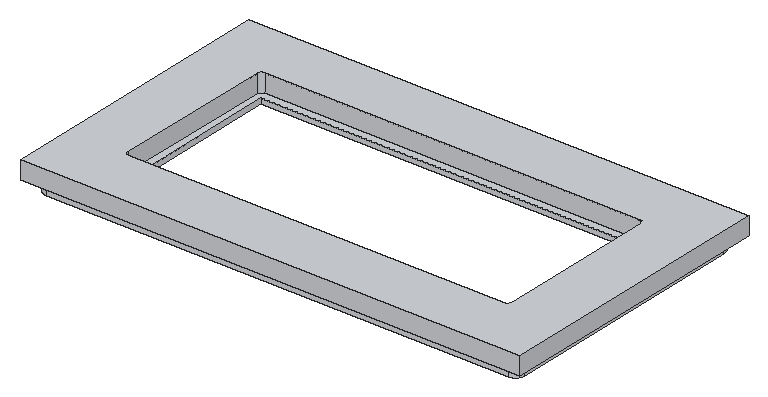
Revit family "Gira_100212", category Electrical Fixtures, host Face, Revit 2017
Family settings
  Host = Face
  Maintain Annotation Orientation = No
  Round Connector Dimension = Use Diameter
  Part Type = Normal
  Cut with Voids When Loaded = No
  Shared = No
  Room Calculation Point = No
Parameters (values of type "Cov.fr. 2-g w/o cb Gira Esprit white gl.")
  With mounting grid = "No"
  With hinged lid = "No"
  URL = "http://katalog.gira.de/en/datenblatt.html?artikelnr=100212"
  Type of fastening = "Clamp mounting"
  Transparent = "No"
  Surface protection = "Other"
  Suitable for wall duct = "No"
  Suitable for flush-mounted installation = "Yes"
  Suitable for floor box = "No"
  Suitable for built-in installation = "No"
  Number of units vertical = "2"
  Number of units horizontal = "2"
  Number of units = "2"
  Name = "Cov.fr. 2-g w/o cb Gira Esprit white gl."
  Mounting direction = "Horizontal and vertical"
  Material quality = "Real glass"
  Material = "Glass"
  Manufacturer URL = "https://www.gira.de/"
  Manufacturer = "Gira"
  Label space/information surface = "No"
  Keynote = ""
  HeinzeBIM = "https://bimportal.heinze.de/bim/cov-fr-2-g-w-o-cb-gira-esprit-white-gl-/a6210be3be45f0b31ca09cf8b8e705361b8ed984"
  Halogen free = "No"
  HAN = "100212"
  GTIN = "4010337010463"
  Description = "Cov.fr.2g w o cb Espr. GWh,Gira Esprit cover frame,white glass,2-gang without crossbar,"
  Degree of protection (IP) = "IP20"
  Default Elevation = 1219.2 mm
  Data sheet (1) = "https://katalog.gira.de/en/download.html?artikelnr=100212"
  Colour = "White"
  Category = "Cover frame for domestic switching devices"
  BIM (1) = "https://media.stage.bim.site/public/gira/36a6b08/Espr._Rahmen_2fach o.Mittelsteg.rfa?public/gira/36a6b08/Espr._Rahmen_2fach o.Mittelsteg.rfa"
  Available = "No"
Reference planes
  plane 1 "Center (Front/Back)": y = 0
  plane 2: z = 0
  plane 3 "Center (Left/Right)": x = 0
Forms (mm)
  Extrusion 1, solid, detail levels fine
    sketch origin (0, 0, 0) x (1, 0, 0) y (0, 1, 0)
      loop
        line (-83, 47.5) -> (-83, -47.5) -> (83, -47.5) -> (83, 47.5) -> (-83, 47.5)
      loop
        arc (-63.75, -26.7) -> (-63.311, -27.761) -> (-62.25, -28.2) r 1.5
        line (-62.25, -28.2) -> (62.25, -28.2)
        arc (62.25, -28.2) -> (63.311, -27.761) -> (63.75, -26.7) r 1.5
        line (63.75, -26.7) -> (63.75, 26.7)
        arc (63.75, 26.7) -> (63.311, 27.761) -> (62.25, 28.2) r 1.5
        line (62.25, 28.2) -> (-62.25, 28.2)
        arc (-62.25, 28.2) -> (-63.311, 27.761) -> (-63.75, 26.7) r 1.5
        line (-63.75, 26.7) -> (-63.75, -26.7)
    from 0 to 6
  Extrusion 2, solid, detail levels fine
    sketch origin (0, 0, 0) x (1, 0, 0) y (0, 1, 0)
      loop
        line (-61.518, -25.7) -> (61.45, -25.7) -> (61.45, 25.7) -> (-61.518, 25.7) -> (-61.518, -25.7)
      loop
        arc (-78.55, -41.3) -> (-78.023, -42.573) -> (-76.75, -43.1) r 1.8
        line (-76.75, -43.1) -> (77.95, -43.1)
        arc (77.95, -43.1) -> (79.223, -42.573) -> (79.75, -41.3) r 1.8
        line (79.75, -41.3) -> (79.75, 41.3)
        arc (79.75, 41.3) -> (79.223, 42.573) -> (77.95, 43.1) r 1.8
        line (77.95, 43.1) -> (-76.75, 43.1)
        arc (-76.75, 43.1) -> (-78.023, 42.573) -> (-78.55, 41.3) r 1.8
        line (-78.55, 41.3) -> (-78.55, -41.3)
    from -1.9 to 0
  Extrusion 3, solid, detail levels fine
    sketch origin (0, 0, 0) x (1, 0, 0) y (0, 1, 0)
      loop
        arc (-76.75, 44.4) -> (-78.871, 43.521) -> (-79.75, 41.4) r 3
        line (-79.75, 41.4) -> (-79.75, -41.4)
        arc (-79.75, -41.4) -> (-78.871, -43.521) -> (-76.75, -44.4) r 3
        line (-76.75, -44.4) -> (76.75, -44.4)
        arc (76.75, -44.4) -> (78.871, -43.521) -> (79.75, -41.4) r 3
        line (79.75, -41.4) -> (79.75, 41.4)
        arc (79.75, 41.4) -> (78.871, 43.521) -> (76.75, 44.4) r 3
        line (76.75, 44.4) -> (-76.75, 44.4)
      loop
        arc (-78.55, -41.4) -> (-78.023, -42.673) -> (-76.75, -43.2) r 1.8
        line (-76.75, -43.2) -> (76.75, -43.2)
        arc (76.75, -43.2) -> (78.023, -42.673) -> (78.55, -41.4) r 1.8
        line (78.55, -41.4) -> (78.55, 41.4)
        arc (78.55, 41.4) -> (78.023, 42.673) -> (76.75, 43.2) r 1.8
        line (76.75, 43.2) -> (-76.75, 43.2)
        arc (-76.75, 43.2) -> (-78.023, 42.673) -> (-78.55, 41.4) r 1.8
        line (-78.55, 41.4) -> (-78.55, -41.4)
    from -3.7 to 0
  Extrusion 4, solid, detail levels medium
    sketch origin (0, 0, 0) x (1, 0, 0) y (0, 1, 0)
      loop
        line (-83, 47.5) -> (-83, -47.5) -> (83, -47.5) -> (83, 47.5) -> (-83, 47.5)
    from 0 to 6
  Extrusion 5, solid, detail levels medium
    sketch origin (0, 0, 0) x (1, 0, 0) y (0, 1, 0)
      loop
        line (-79.75, 44.4) -> (-79.75, -44.4) -> (79.75, -44.4) -> (79.75, 44.4) -> (-79.75, 44.4)
    from -3.7 to 0
  Extrusion 6, solid, detail levels coarse
    sketch origin (0, 0, 0) x (1, 0, 0) y (0, 1, 0)
      loop
        line (-83, 47.5) -> (-83, -47.5) -> (83, -47.5) -> (83, 47.5) -> (-83, 47.5)
    from -3.7 to 6
Dimensions and locks
  aligned and locked: plane 2 to host face
  aligned and locked: level to host face
